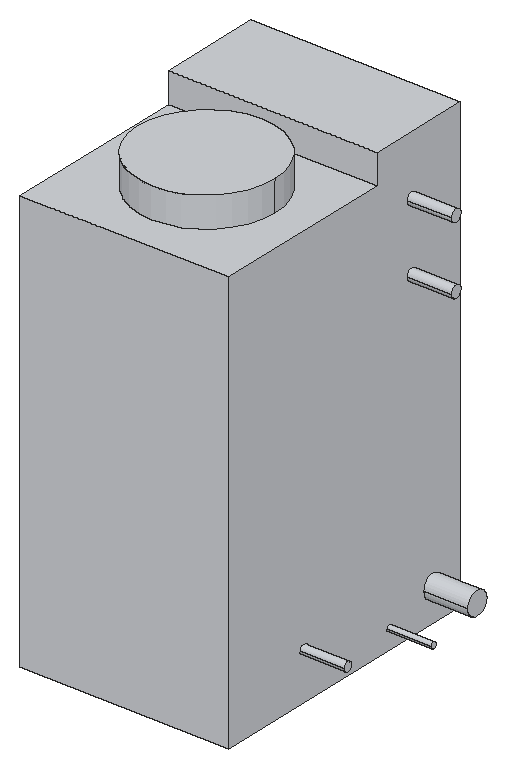
Revit family "00cdf1a8181c46709b04a24336074ca3", category Mechanical Equipment, Revit 2021
Family settings
  Round Connector Dimension = Use Radius
  Part Type = Normal
  OmniClass Number = 23.75.10.24.21.24
  OmniClass Title = Liquid Coolers and Evaporative Condensers
  Seek Item ID = Condenser - Evaporative-0000-USA-ENU
  Work Plane-Based = No
  Always vertical = Yes
  Cut with Voids When Loaded = No
  Shared = No
  Room Calculation Point = No
Parameters (values of type "1327-1969 MBH")
  Width 2 = 5' - 8 3/4"
  Width 1 = 1' - 9 1/4"
  Voltage = 208 V
  Visibility 3 = no
  Visibility 2 = no
  Visibility 1 = yes
  Pump Motor = "1.5 HP"
  Pump Length = 1' - 3 3/4"
  Overflow Radius = 1 1/2"
  Overflow Flow [instance] = 0 GPM
  Overflow Diameter = 2 * Overflow Radius  # 3"
  Outlet Radius = 2"
  Outlet Diameter = Outlet Radius * 2  # 4"
  Number of Poles = 3
  Make-up Flow [instance] = 0 GPM
  Make Up Radius = 1/4"
  Make Up Diameter = Make Up Radius * 2  # 1/2"
  Load Classification = Cooling
  Inlet Radius = 2"
  Inlet Diameter = Inlet Radius * 2  # 4"
  Drain Radius = 1"
  Drain Flow [instance] = 0 GPM
  Drain Diameter = 2 * Drain Radius  # 2"
  Fan Motor = "7.5 HP"
  Default Elevation = 0' - 0"
  Condenser Width = 8' - 5 1/4"
  Condenser Material = none
  Condenser Length 3 = Condenser Length / 6  # 1' - 0.20833"
  Condenser Length 2 = Condenser Length / 2  # 3' - 0 5/8"
  Condenser Length 1 = Condenser Length / 4  # 1' - 6 5/16"
  Condenser Length = 6' - 1 1/4"
  Condenser Height = 13' - 2 3/4"
  Apparent Load [instance] = 7000 VA
Types (6): name | Width 2 | Width 1 | Visibility 3 | Visibility 2 | Visibility 1 | Pump Motor | Pump Length | Make Up Radius | Make Up Diameter | Fan Motor | Condenser Width | Condenser Length 3 | Condenser Length 2 | Condenser Length 1 | Condenser Length | Condenser Height | Apparent Load
  (no name) | 5' - 8 3/4" | 1' - 9 1/4" | no | no | yes | "1.5 HP" | 1' - 3 3/4" | 1/4" | 1/2" | "7.5 HP" | 8' - 5 1/4" | 1' - 0.20833" | 3' - 0 5/8" | 1' - 6 5/16" | 6' - 1 1/4" | 13' - 2 3/4" | 7000 VA
  1327-1969 MBH | 5' - 8 3/4" | 1' - 9 1/4" | no | no | yes | "1.5 HP" | 1' - 3 3/4" | 1/4" | 1/2" | "7.5 HP" | 8' - 5 1/4" | 1' - 0.20833" | 3' - 0 5/8" | 1' - 6 5/16" | 6' - 1 1/4" | 13' - 2 3/4" | 7000 VA
  2135-3171 MBH | 5' - 8 3/4" | 1' - 9 1/4" | no | yes | no | "2 HP" | 1' - 4 1/4" | 1/4" | 1/2" | "15 HP" | 8' - 5 1/4" | 1' - 6.20833" | 4' - 6 5/8" | 2' - 3 5/16" | 9' - 1 1/4" | 13' - 2 3/4" | 25100 VA
  3316-4270 MBH | 5' - 8 3/4" | 1' - 9 1/4" | no | yes | no | "3 HP" | 1' - 8 1/4" | 1/4" | 1/2" | "20 HP" | 8' - 5 1/4" | 2' - 0.20833" | 6' - 0 5/8" | 3' - 0 5/16" | 12' - 1 1/4" | 13' - 2 3/4" | 33700 VA
  4062-6322 MBH | 2' - 7 1/8" | 2' - 8 3/4" | no | yes | no | "5 HP" | 1' - 8 1/4" | 1/2" | 1" | "20 HP" | 11' - 10" | 2' - 0.20833" | 6' - 0 5/8" | 3' - 0 5/16" | 12' - 1 1/4" | 15' - 10 3/4" | 35300 VA
  6425-9970 MBH | 2' - 7 1/8" | 2' - 8 3/4" | yes | no | yes | "7.5 HP" | 2' - 0 3/8" | 1/2" | 1" | "30 HP" | 11' - 10" | 3' - 0.20833" | 9' - 0 5/8" | 4' - 6 5/16" | 18' - 1 1/4" | 16' - 4 1/4" | 52900 VA
Reference planes (in)
  plane 1 "Center (Front/Back)": y = 0
  plane 2: z = 0
  plane 3 "Center (Left/Right)": x = 0
  plane 4: y = -101.25
  plane 5: x = 73.25
  plane 6: x = 89
  plane 7: y = -36
  plane 8: x = 36.625
  plane 9: y = -89.25
  plane 10: z = 158.75
  plane 11: z = 148.125
  plane 12: y = -65.25
  plane 13: y = -21.25
  plane 14: z = 138
  plane 15: z = 114
  plane 16: z = 12
  plane 17: y = -12
  plane 18: y = -31.125
  plane 19: z = 17
  plane 20: y = -68.75
  plane 21: z = 7.125
  plane 22: x = 18.3125
  plane 23: x = 54.9375
  plane 24: x = 12.20833
  plane 25: x = 61.04167
  plane 26: z = 12
  plane 27: x = 61.25
  plane 28: x = 12
  plane 29: z = 24
Forms (in)
  Extrusion 1, solid, material <- "Condenser Material"
    sketch origin (0, 0, 0) x (1, 0, 0) y (0, 1, 0)
      loop
        line (0, 0) -> (0, -101.25) -> (73.25, -101.25) -> (73.25, 0) -> (0, 0)
    from 148.125 to 0
  Extrusion 2, solid, material <- "Condenser Material"
    sketch origin (0, 0, 0) x (1, 0, 0) y (0, 1, 0)
      loop
        line (0, 0) -> (0, -36) -> (73.25, -36) -> (73.25, 0) -> (0, 0)
    from 158.75 to 148.125
  Extrusion 3, solid, material <- "Condenser Material"
    sketch origin (0, 0, 0) x (0, 1, 0) y (0, 0, 1)
      loop
        circle (-12, 12) r 4
    from 73.25 to 89
  Extrusion 4, solid, material <- "Condenser Material"
    sketch origin (0, 0, 0) x (0, 1, 0) y (0, 0, 1)
      loop
        circle (-31.125, 7.125) r 1
    from 73.25 to 89
  Extrusion 5, solid, material <- "Condenser Material"
    sketch origin (0, 0, 0) x (0, 1, 0) y (0, 0, 1)
      loop
        circle (-68.75, 17) r 1.5
    from 73.25 to 89
  Extrusion 6, solid, material <- "Condenser Material"
    sketch origin (0, 0, 0) x (0, 1, 0) y (0, 0, 1)
      loop
        circle (-21.25, 138) r 2
      loop
        circle (-21.25, 114) r 2
    from 89 to 73.25
  Extrusion 7, solid, material <- "Condenser Material", visible <- "Visibility 1"
    sketch origin (0, 0, 0) x (1, 0, 0) y (0, 1, 0)
      loop
        circle (36.625, -65.25) r 24
    from 148.125 to 158.75
  Extrusion 8, solid, material <- "Condenser Material", visible <- "Visibility 2"
    sketch origin (0, 0, 0) x (1, 0, 0) y (0, 1, 0)
      loop
        circle (18.3125, -65.25) r 24
    from 148.125 to 158.75
  Extrusion 9, solid, material <- "Condenser Material", visible <- "Visibility 2"
    sketch origin (0, 0, 0) x (1, 0, 0) y (0, 1, 0)
      loop
        circle (54.9375, -65.25) r 24
    from 148.125 to 158.75
  Extrusion 10, solid, material <- "Condenser Material", visible <- "Visibility 3"
    sketch origin (0, 0, 0) x (1, 0, 0) y (0, 1, 0)
      loop
        circle (12.20833, -65.25) r 24
    from 148.125 to 158.75
  Extrusion 11, solid, material <- "Condenser Material", visible <- "Visibility 3"
    sketch origin (0, 0, 0) x (1, 0, 0) y (0, 1, 0)
      loop
        circle (61.04167, -65.25) r 24
    from 148.125 to 158.75
  Extrusion 12, solid, material <- "Condenser Material"
    sketch origin (0, 0, 0) x (1, 0, 0) y (0, 0, 1)
      loop
        circle (61.25, 12) r 2
      loop
        circle (12, 24) r 2
    from 0 to 12
Cuts and joins
  joined: Extrusion 1, Extrusion 2, Extrusion 3, Extrusion 4, Extrusion 5, Extrusion 6, Extrusion 12
Dimensions and locks (in)
  "Condenser Length": plane 3 "Center (Left/Right)" to plane 5
  "Condenser Width": plane 4 to plane 1 "Center (Front/Back)"
  "Pump Length": plane 5 to plane 6
  locked: plane 7 to plane 1 "Center (Front/Back)" at 36
  locked: plane 9 to plane 4 at 12
  "Condenser Height": plane 10 to plane 2
  locked: plane 10 to plane 11 at 10.625
  locked: plane 12 to plane 9 at 24
  "Width 1": plane 13 to plane 1 "Center (Front/Back)"
  locked: plane 11 to plane 14 at 10.125
  locked: plane 15 to plane 14 at 24
  locked: plane 16 to plane 2 at 12
  locked: plane 17 to plane 1 "Center (Front/Back)" at 12
  locked: plane 18 to plane 1 "Center (Front/Back)" at 31.125
  locked: plane 2 to plane 19 at 17
  "Width 2": plane 20 to plane 1 "Center (Front/Back)"
  locked: plane 21 to plane 2 at 7.125
  "Condenser Length 2": plane 3 "Center (Left/Right)" to plane 8
  "Condenser Length 1": plane 3 "Center (Left/Right)" to plane 22
  "Condenser Length 1": plane 23 to plane 5
  "Condenser Length 3": plane 3 "Center (Left/Right)" to plane 24
  "Condenser Length 3": plane 25 to plane 5
  locked: plane 2 to plane 29 at 24
  locked: plane 3 "Center (Left/Right)" to plane 28 at 12
  locked: plane 27 to plane 5 at 12
  locked: plane 2 to plane 26 at 12
  radius of Extrusion 3 sketch curve = 0' - 4"
  radius of Extrusion 4 sketch curve = 0' - 1"
  radius of Extrusion 5 sketch curve = 0' - 1 1/2"
  "Inlet Radius": radius of Extrusion 6 sketch curve
  "Outlet Radius": radius of Extrusion 6 sketch curve
  radius of Extrusion 7 sketch curve = 2' - 0"
  radius of Extrusion 8 sketch curve = 2' - 0"
  radius of Extrusion 9 sketch curve = 2' - 0"
  radius of Extrusion 10 sketch curve = 2' - 0"
  radius of Extrusion 11 sketch curve = 2' - 0"
  radius of Extrusion 12 sketch curve = 0' - 2"  (x2)
  aligned and locked: Extrusion 1 to plane 4
  aligned and locked: Extrusion 1 to plane 5
  aligned and locked: Extrusion 1 to plane 3 "Center (Left/Right)"
  aligned and locked: Extrusion 1 to plane 1 "Center (Front/Back)"
  aligned and locked: plane 11 to Extrusion 1
  aligned and locked: Extrusion 1 to level
  aligned and locked: Extrusion 2 to plane 3 "Center (Left/Right)"
  aligned and locked: Extrusion 2 to plane 1 "Center (Front/Back)"
  aligned and locked: plane 5 to Extrusion 2
  aligned and locked: Extrusion 2 to plane 7
  aligned and locked: plane 10 to Extrusion 2
  aligned and locked: Extrusion 2 to plane 11
  aligned and locked: plane 17 to Extrusion 3 sketch curve
  aligned and locked: plane 16 to Extrusion 3 sketch curve
  aligned and locked: plane 18 to Extrusion 4 sketch curve
  aligned and locked: plane 20 to Extrusion 5 sketch curve
  aligned and locked: plane 19 to Extrusion 5 sketch curve
  aligned and locked: plane 14 to Extrusion 6 sketch curve
  aligned and locked: plane 13 to Extrusion 6 sketch curve  (x2)
  aligned and locked: plane 15 to Extrusion 6 sketch curve
  aligned and locked: plane 6 to Extrusion 3
  aligned and locked: Extrusion 3 to plane 5
  aligned and locked: plane 6 to Extrusion 4
  aligned and locked: Extrusion 4 to plane 5
  aligned and locked: Extrusion 5 to plane 6
  aligned and locked: plane 5 to Extrusion 5
  aligned and locked: Extrusion 6 to plane 5
  aligned and locked: plane 6 to Extrusion 6
  aligned and locked: plane 21 to Extrusion 4 sketch curve
  aligned and locked: Extrusion 7 sketch curve to plane 8
  aligned and locked: plane 12 to Extrusion 7 sketch curve
  aligned and locked: plane 10 to Extrusion 7
  aligned and locked: Extrusion 7 to plane 11
  aligned and locked: plane 12 to Extrusion 8 sketch curve
  aligned and locked: plane 22 to Extrusion 8 sketch curve
  aligned and locked: plane 10 to Extrusion 8
  aligned and locked: Extrusion 8 to plane 11
  aligned and locked: plane 23 to Extrusion 9 sketch curve
  aligned and locked: plane 12 to Extrusion 9 sketch curve
  aligned and locked: plane 10 to Extrusion 9
  aligned and locked: Extrusion 9 to plane 11
  aligned and locked: plane 24 to Extrusion 10 sketch curve
  aligned and locked: plane 12 to Extrusion 10 sketch curve
  aligned and locked: plane 25 to Extrusion 11 sketch curve
  aligned and locked: Extrusion 11 sketch curve to plane 12
  aligned and locked: plane 10 to Extrusion 11
  aligned and locked: Extrusion 11 to plane 11
  aligned and locked: plane 10 to Extrusion 10
  aligned and locked: Extrusion 10 to plane 11
  aligned and locked: plane 28 to Extrusion 12 sketch curve
  aligned and locked: plane 29 to Extrusion 12 sketch curve
  aligned and locked: plane 26 to Extrusion 12 sketch curve
  aligned and locked: plane 27 to Extrusion 12 sketch curve
  aligned and locked: Extrusion 12 to plane 1 "Center (Front/Back)"
  aligned and locked: Extrusion 12 to plane 17
Automatic sketch dimensions
  plane 3 "Center (Left/Right)" to Extrusion 1 sketch curve = 0' - 0"
  Extrusion 1 sketch curve to plane 5 = 0' - 0"
  Extrusion 1 sketch curve to plane 9 = 1' - 0"
  plane 1 "Center (Front/Back)" to Extrusion 1 sketch curve = 0' - 0"
  plane 3 "Center (Left/Right)" to Extrusion 2 sketch curve = 0' - 0"
  Extrusion 2 sketch curve to plane 5 = 0' - 0"
  plane 7 to Extrusion 2 sketch curve = 0' - 0"
  plane 1 "Center (Front/Back)" to Extrusion 2 sketch curve = 0' - 0"
Connectors (in)
  piping at (89, -21.25, 138), diameter 4, driven by "Inlet Radius"
    settings: on cut or joined group of Extrusion 1, Extrusion 2, Extrusion 3, Extrusion 4, Extrusion 5, Extrusion 6, Extrusion 12, index 1, connector inside diameter 4", connector length 0' - 0", flow factor 0, pipe flow 0 GPM, pressure drop 0.00 psi, fitting loss kfactor 0, connector angle 0.00°, fixture units 0, engagement length 0' - 0", angle of deflection 0.00°, flow configuration 0, flow direction 1, fitting loss method 0, system type 22, joint type 0, gender type 0, connector reference index 2, connector utility 0, adjustable connector no, is connector primary yes, connector description "Cryogen In"
  piping at (89, -21.25, 114), diameter 4, driven by "Outlet Radius"
    settings: on cut or joined group of Extrusion 1, Extrusion 2, Extrusion 3, Extrusion 4, Extrusion 5, Extrusion 6, Extrusion 12, index 2, connector inside diameter 4", connector length 0' - 0", flow factor 0, pipe flow 0 GPM, pressure drop 0.00 psi, fitting loss kfactor 0, connector angle 0.00°, fixture units 0, engagement length 0' - 0", angle of deflection 0.00°, flow configuration 0, flow direction 2, fitting loss method 0, system type 22, joint type 0, gender type 0, connector reference index 1, connector utility 0, adjustable connector no, is connector primary no, connector description "Cryogen Out"
  piping at (89, -68.75, 17), diameter 3, driven by "Overflow Radius", driven by "Overflow Flow"
    settings: on cut or joined group of Extrusion 1, Extrusion 2, Extrusion 3, Extrusion 4, Extrusion 5, Extrusion 6, Extrusion 12, index 3, connector inside diameter 3", connector length 0' - 0", flow factor 0, pipe flow 0 GPM, pressure drop 0.00 psi, fitting loss kfactor 0, connector angle 0.00°, fixture units 0, engagement length 0' - 0", angle of deflection 0.00°, flow configuration 1, flow direction 2, fitting loss method 0, system type 22, joint type 0, gender type 0, connector reference index -1, connector utility 0, adjustable connector no, is connector primary no, connector description "Overflow"
  piping at (89, -31.125, 7.125), diameter 2, driven by "Drain Flow", driven by "Drain Radius"
    settings: on cut or joined group of Extrusion 1, Extrusion 2, Extrusion 3, Extrusion 4, Extrusion 5, Extrusion 6, Extrusion 12, index 4, connector inside diameter 2", connector length 0' - 0", flow factor 0, pipe flow 0 GPM, pressure drop 0.00 psi, fitting loss kfactor 0, connector angle 0.00°, fixture units 0, engagement length 0' - 0", angle of deflection 0.00°, flow configuration 1, flow direction 2, fitting loss method 0, system type 16, joint type 0, gender type 0, connector reference index -1, connector utility 0, adjustable connector yes, is connector primary no, connector description "Drain"
  piping at (12, 0, 24), diameter 0.5, driven by "Make Up Radius", driven by "Make-up Flow"
    settings: on Extrusion 12, index 5, connector inside diameter 1/2", connector length 0' - 0", flow factor 0, pipe flow 0 GPM, pressure drop 0.00 psi, fitting loss kfactor 0, connector angle 0.00°, fixture units 0, engagement length 0' - 0", angle of deflection 0.00°, flow configuration 1, flow direction 1, fitting loss method 0, system type 20, joint type 0, gender type 0, connector reference index -1, connector utility 0, adjustable connector no, is connector primary no, connector description "Make Up"
  electrical at (61.25, 0, 12), driven by "Apparent Load", driven by "Voltage", driven by "Number of Poles", driven by "Load Classification"
    settings: on Extrusion 12, index 6, voltage 208 V, apparent load 7000 VA, apparent load phase1 0 VA, apparent load phase2 0 VA, apparent load phase3 0 VA, power factor 0.8, load classification "Cooling", number of poles 3, system type 30, power factor state 1, is connector primary yes, connector utility no, sub classification motor no, connector description ""
